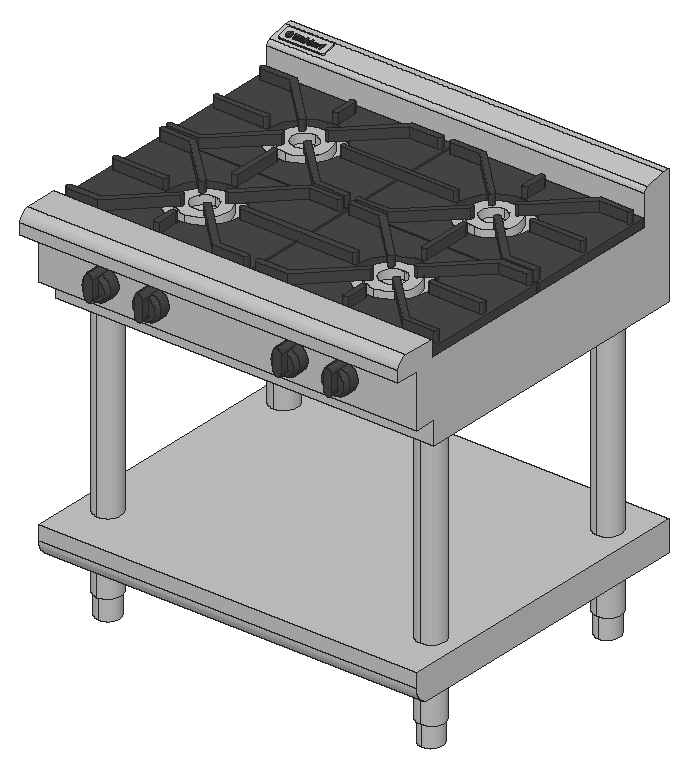
Revit family "QF_MOFFAT WALDORF_RNL8900G-LS", category Specialty Equipment, Revit 2012
Parameters
  Weight in Pounds = 284.396
  URL Cutsheet = "www.moffat.com"
  URL = "www.moffat.com"
  Type Mark [instance] = ""
  Status [instance] = ""
  Specification by User [instance] = ""
  Specification by Manufacturer = ""
  Show Logo [instance] = yes
  Show Casters [instance] = no
  Serial Number = ""
  Seismic Rating = ""
  SMACNA No = ""
  Revision Code [instance] = ""
  Omniclass Number and Title = ""
  NAFEM Spec ID Number = ""
  Model = "RNL8900G-LS"
  Mechanical Remarks [instance] = ""
  Mechanical Connection Type [instance] = ""
  Masterspec = ""
  Manufacturer = "MOFFAT WALDORF"
  Legs [instance] = not(Show Casters)  # yes
  Item Number [instance] = ""
  Installed By [instance] = ""
  Identify Quantity as Lot [instance] = yes
  Gas Size = 3/4"
  Gas RI Height [instance] = 0.0 mm
  Gas KW [instance] = 31
  Gas Input [instance] = 106156.0 Btu/h
  Gas Connection Height = 0.0 mm
  Furnished By [instance] = ""
  Foodservice Equipment Identifier [instance] = yes
  Description = "COOK TOP LOW SPLASHBACK GAS ON LEG STAND"
  CSI MasterFormat = ""
  CSI Master Format = ""
  Base Height [instance] = 150.0 mm
Reference planes
  plane 1 "BACK": y = 0
  plane 2: z = 0
  plane 3 "LEFT": x = 0
  plane 4 "RIGHT": x = 900
  plane 5 "FRONT": y = -805
  plane 6 "TOP": z = 970
  plane 7 "Center Y": x = 450
  plane 8 "Center X": y = -402.5
  plane 9 "Base Height": z = 150
  plane 10: z = 915
  plane 11: x = 65.8
Forms (mm)
  Extrusion 1, solid, material "QF_Finishes_Stainless Steel"
    sketch origin (0, 0, 0) x (0, 1, 0) y (0, 0, 1)
      loop
        line (-805, 891) -> (-805, 866) -> (-749, 866) -> (-749, 740) -> (-699, 740) -> (-699, 685) -> (0, 685) -> (0, 970) -> (-15, 970) -> (-61.106, 957.646)
        arc (-61.106, 957.646) -> (-67.52, 953.36) -> (-70, 946.055) r 12
        line (-70, 946.055) -> (-70, 875) -> (-705, 875) -> (-705, 915) -> (-781, 915)
        arc (-781, 915) -> (-797.971, 907.971) -> (-805, 891) r 24
      loop
        line (0, 222.5) -> (-749, 222.5) -> (-749, 188)
        arc (-749, 188) -> (-737.87, 161.13) -> (-711, 150) r 38
        line (-711, 150) -> (0, 150) -> (0, 222.5)
    from 0 to 900
  Revolve 2, solid, material "QF_Finishes_Black"
    sketch origin (285.001, 0, 760.895) x (0, -1, 0) y (0, 0, 1)
      loop
        line (782, 74.605) -> (759, 74.605) -> (759, 47.105) -> (749, 47.105) -> (749, 42.105) -> (793, 42.105) -> (793, 68.757) -> (782, 74.605)
      axis (793, 42.105) -> (749, 42.105)
    angle from 0 to 360
  Extrusion 3, solid, material "QF_Finishes_Black"
    sketch origin (-3.43, 0, 656.898) x (1, 0, 0) y (0, 0, 1)
      loop
        line (298.431, 134) -> (298.431, 172.997)
        arc (298.431, 172.997) -> (288.431, 182.997) -> (278.431, 172.997) r 10
        line (278.431, 172.997) -> (278.431, 134)
        arc (278.431, 134) -> (288.431, 124) -> (298.431, 134) r 10
    from 759 to 808
  Extrusion 4, solid, material "QF_Finishes_Stainless Steel"
    sketch origin (705, 3, 95) x (1, 0, 0) y (0, 1, 0)
      loop
        circle (65, -35) r 13.5
    from 560 to 590
  Revolve 5, solid, material "QF_Finishes_Black"
    sketch origin (165, 0, 760.768) x (0, 1, 0) y (0, 0, -1)
      loop
        line (-782, -74.5) -> (-759, -74.5) -> (-759, -47) -> (-749, -47) -> (-749, -42) -> (-793, -42) -> (-793, -68.651) -> (-782, -74.5)
      axis (-793, -42) -> (-749, -42)
    angle from 0 to 360
  Extrusion 6, solid, material "QF_Finishes_Black"
    sketch origin (303.27, 0, 760.926) x (-1, 0, 0) y (0, 0, -1)
      loop
        arc (148.269, -29.969) -> (138.269, -19.969) -> (128.269, -29.969) r 10
        line (128.269, -29.969) -> (128.269, -68.969)
        arc (128.269, -68.969) -> (138.269, -78.969) -> (148.269, -68.969) r 10
        line (148.269, -68.969) -> (148.269, -29.969)
    from 759 to 808
  Extrusion 7, solid, material "QF_Finishes_Black"
    sketch origin (0, -77.318, 894.5) x (0, -1, 0) y (1, 0, 0)
      loop
        spline (252.08, 230.775) -> (250.786, 230.557) -> (249.58, 229.918) -> (248.545, 228.9) -> (247.75, 227.575) -> (247.251, 226.031) -> (247.08, 224.375) -> (247.251, 222.719) -> (247.75, 221.175) -> (248.545, 219.85) -> (249.58, 218.832) -> (250.786, 218.193) -> (252.08, 217.975)
        line (252.08, 217.975) -> (368.284, 217.975)
        spline (368.284, 217.975) -> (369.579, 218.193) -> (370.784, 218.832) -> (371.82, 219.85) -> (372.615, 221.175) -> (373.114, 222.719) -> (373.284, 224.375) -> (373.114, 226.031) -> (372.615, 227.575) -> (371.82, 228.9) -> (370.784, 229.918) -> (369.579, 230.557) -> (368.284, 230.775)
        line (368.284, 230.775) -> (252.08, 230.775)
      loop
        spline (601.284, 217.975) -> (602.579, 218.193) -> (603.784, 218.832) -> (604.82, 219.85) -> (605.615, 221.175) -> (606.114, 222.719) -> (606.284, 224.375) -> (606.114, 226.031) -> (605.615, 227.575) -> (604.82, 228.9) -> (603.784, 229.918) -> (602.579, 230.557) -> (601.284, 230.775)
        line (601.284, 230.775) -> (552.08, 230.775)
        spline (552.08, 230.775) -> (550.786, 230.557) -> (549.58, 229.918) -> (548.545, 228.9) -> (547.75, 227.575) -> (547.251, 226.031) -> (547.08, 224.375) -> (547.251, 222.719) -> (547.75, 221.175) -> (548.545, 219.85) -> (549.58, 218.832) -> (550.786, 218.193) -> (552.08, 217.975)
        line (552.08, 217.975) -> (601.284, 217.975)
      loop
        line (466.582, 13.273) -> (466.582, 132.477)
        spline (466.582, 132.477) -> (466.364, 133.771) -> (465.725, 134.977) -> (464.708, 136.013) -> (463.382, 136.807) -> (461.839, 137.307) -> (460.182, 137.477) -> (458.526, 137.307) -> (456.982, 136.807) -> (455.657, 136.013) -> (454.64, 134.977) -> (454, 133.771) -> (453.782, 132.477)
        line (453.782, 132.477) -> (453.782, 13.273)
        spline (453.782, 13.273) -> (454, 11.979) -> (454.64, 10.773) -> (455.657, 9.737) -> (456.982, 8.943) -> (458.526, 8.443) -> (460.182, 8.273) -> (461.839, 8.443) -> (463.382, 8.943) -> (464.708, 9.737) -> (465.725, 10.773) -> (466.364, 11.979) -> (466.582, 13.273)
      loop
        line (14.11, 87.354) -> (14.11, 13.21)
        spline (14.11, 13.21) -> (14.338, 11.916) -> (15.008, 10.71) -> (16.073, 9.675) -> (17.46, 8.88) -> (19.076, 8.381) -> (20.81, 8.21) -> (22.544, 8.381) -> (24.16, 8.88) -> (25.548, 9.675) -> (26.613, 10.71) -> (27.282, 11.916) -> (27.51, 13.21)
        line (27.51, 13.21) -> (27.51, 82.652) -> (133.259, 188.4)
        spline (133.259, 188.4) -> (134.019, 189.47) -> (134.42, 190.774) -> (134.433, 192.226) -> (134.058, 193.725) -> (133.319, 195.17) -> (132.269, 196.461) -> (130.977, 197.512) -> (129.532, 198.25) -> (128.033, 198.626) -> (126.582, 198.613) -> (125.277, 198.212) -> (124.208, 197.451)
        line (124.208, 197.451) -> (14.11, 87.354)
      loop
        spline (19.08, 230.775) -> (17.786, 230.557) -> (16.58, 229.918) -> (15.545, 228.9) -> (14.75, 227.575) -> (14.251, 226.031) -> (14.08, 224.375) -> (14.251, 222.719) -> (14.75, 221.175) -> (15.545, 219.85) -> (16.58, 218.832) -> (17.786, 218.193) -> (19.08, 217.975)
        line (19.08, 217.975) -> (68.284, 217.975)
        spline (68.284, 217.975) -> (69.579, 218.193) -> (70.784, 218.832) -> (71.82, 219.85) -> (72.615, 221.175) -> (73.114, 222.719) -> (73.284, 224.375) -> (73.114, 226.031) -> (72.615, 227.575) -> (71.82, 228.9) -> (70.784, 229.918) -> (69.579, 230.557) -> (68.284, 230.775)
        line (68.284, 230.775) -> (19.08, 230.775)
      loop
        line (306.255, 87.354) -> (196.157, 197.451)
        spline (196.157, 197.451) -> (195.088, 198.212) -> (193.783, 198.613) -> (192.332, 198.626) -> (190.832, 198.25) -> (189.388, 197.512) -> (188.096, 196.461) -> (187.045, 195.17) -> (186.307, 193.725) -> (185.932, 192.226) -> (185.945, 190.774) -> (186.345, 189.47) -> (187.106, 188.4)
        line (187.106, 188.4) -> (292.855, 82.652) -> (292.855, 13.21)
        spline (292.855, 13.21) -> (293.083, 11.916) -> (293.752, 10.71) -> (294.817, 9.675) -> (296.205, 8.88) -> (297.82, 8.381) -> (299.555, 8.21) -> (301.289, 8.381) -> (302.905, 8.88) -> (304.292, 9.675) -> (305.357, 10.71) -> (306.026, 11.916) -> (306.255, 13.21)
        line (306.255, 13.21) -> (306.255, 87.354)
      loop
        line (166.582, 13.273) -> (166.582, 132.477)
        spline (166.582, 132.477) -> (166.364, 133.771) -> (165.725, 134.977) -> (164.708, 136.013) -> (163.382, 136.807) -> (161.839, 137.307) -> (160.182, 137.477) -> (158.526, 137.307) -> (156.982, 136.807) -> (155.657, 136.013) -> (154.64, 134.977) -> (154, 133.771) -> (153.782, 132.477)
        line (153.782, 132.477) -> (153.782, 13.273)
        spline (153.782, 13.273) -> (154, 11.979) -> (154.64, 10.773) -> (155.657, 9.737) -> (156.982, 8.943) -> (158.526, 8.443) -> (160.182, 8.273) -> (161.839, 8.443) -> (163.382, 8.943) -> (164.708, 9.737) -> (165.725, 10.773) -> (166.364, 11.979) -> (166.582, 13.273)
      loop
        line (14.11, 361.396) -> (124.208, 251.299)
        spline (124.208, 251.299) -> (125.277, 250.538) -> (126.582, 250.137) -> (128.033, 250.124) -> (129.532, 250.5) -> (130.977, 251.238) -> (132.269, 252.289) -> (133.319, 253.58) -> (134.058, 255.025) -> (134.433, 256.524) -> (134.42, 257.976) -> (134.019, 259.28) -> (133.259, 260.35)
        line (133.259, 260.35) -> (27.51, 366.098) -> (27.51, 435.54)
        spline (27.51, 435.54) -> (27.282, 436.834) -> (26.613, 438.04) -> (25.548, 439.075) -> (24.16, 439.87) -> (22.544, 440.369) -> (20.81, 440.54) -> (19.076, 440.369) -> (17.46, 439.87) -> (16.073, 439.075) -> (15.008, 438.04) -> (14.338, 436.834) -> (14.11, 435.54)
        line (14.11, 435.54) -> (14.11, 361.396)
      loop
        line (306.255, 361.396) -> (306.255, 435.54)
        spline (306.255, 435.54) -> (306.026, 436.834) -> (305.357, 438.04) -> (304.292, 439.075) -> (302.905, 439.87) -> (301.289, 440.369) -> (299.555, 440.54) -> (297.82, 440.369) -> (296.205, 439.87) -> (294.817, 439.075) -> (293.752, 438.04) -> (293.083, 436.834) -> (292.855, 435.54)
        line (292.855, 435.54) -> (292.855, 366.098) -> (187.106, 260.35)
        spline (187.106, 260.35) -> (186.345, 259.28) -> (185.945, 257.976) -> (185.932, 256.524) -> (186.307, 255.025) -> (187.045, 253.58) -> (188.096, 252.289) -> (189.388, 251.238) -> (190.832, 250.5) -> (192.332, 250.124) -> (193.783, 250.137) -> (195.088, 250.538) -> (196.157, 251.299)
        line (196.157, 251.299) -> (306.255, 361.396)
      loop
        spline (166.582, 583.727) -> (166.364, 585.021) -> (165.725, 586.227) -> (164.708, 587.263) -> (163.382, 588.057) -> (161.839, 588.557) -> (160.182, 588.727) -> (158.526, 588.557) -> (156.982, 588.057) -> (155.657, 587.263) -> (154.64, 586.227) -> (154, 585.021) -> (153.782, 583.727)
        line (153.782, 583.727) -> (153.782, 316.273)
        spline (153.782, 316.273) -> (154, 314.979) -> (154.64, 313.773) -> (155.657, 312.737) -> (156.982, 311.943) -> (158.526, 311.443) -> (160.182, 311.273) -> (161.839, 311.443) -> (163.382, 311.943) -> (164.708, 312.737) -> (165.725, 313.773) -> (166.364, 314.979) -> (166.582, 316.273)
        line (166.582, 316.273) -> (166.582, 583.727)
      loop
        line (313.11, 87.354) -> (313.11, 13.21)
        spline (313.11, 13.21) -> (313.338, 11.916) -> (314.008, 10.71) -> (315.073, 9.675) -> (316.46, 8.88) -> (318.076, 8.381) -> (319.81, 8.21) -> (321.544, 8.381) -> (323.16, 8.88) -> (324.548, 9.675) -> (325.613, 10.71) -> (326.282, 11.916) -> (326.51, 13.21)
        line (326.51, 13.21) -> (326.51, 82.652) -> (432.259, 188.4)
        spline (432.259, 188.4) -> (433.019, 189.47) -> (433.42, 190.774) -> (433.433, 192.226) -> (433.058, 193.725) -> (432.319, 195.17) -> (431.269, 196.461) -> (429.977, 197.512) -> (428.532, 198.25) -> (427.033, 198.626) -> (425.582, 198.613) -> (424.277, 198.212) -> (423.208, 197.451)
        line (423.208, 197.451) -> (313.11, 87.354)
      loop
        line (605.255, 87.354) -> (495.157, 197.451)
        spline (495.157, 197.451) -> (494.088, 198.212) -> (492.783, 198.613) -> (491.332, 198.626) -> (489.832, 198.25) -> (488.388, 197.512) -> (487.096, 196.461) -> (486.045, 195.17) -> (485.307, 193.725) -> (484.932, 192.226) -> (484.945, 190.774) -> (485.345, 189.47) -> (486.106, 188.4)
        line (486.106, 188.4) -> (591.855, 82.652) -> (591.855, 13.21)
        spline (591.855, 13.21) -> (592.083, 11.916) -> (592.752, 10.71) -> (593.817, 9.675) -> (595.205, 8.88) -> (596.82, 8.381) -> (598.555, 8.21) -> (600.289, 8.381) -> (601.905, 8.88) -> (603.292, 9.675) -> (604.357, 10.71) -> (605.026, 11.916) -> (605.255, 13.21)
        line (605.255, 13.21) -> (605.255, 87.354)
      loop
        line (313.11, 361.396) -> (423.208, 251.299)
        spline (423.208, 251.299) -> (424.277, 250.538) -> (425.582, 250.137) -> (427.033, 250.124) -> (428.532, 250.5) -> (429.977, 251.238) -> (431.269, 252.289) -> (432.319, 253.58) -> (433.058, 255.025) -> (433.433, 256.524) -> (433.42, 257.976) -> (433.019, 259.28) -> (432.259, 260.35)
        line (432.259, 260.35) -> (326.51, 366.098) -> (326.51, 435.54)
        spline (326.51, 435.54) -> (326.282, 436.834) -> (325.613, 438.04) -> (324.548, 439.075) -> (323.16, 439.87) -> (321.544, 440.369) -> (319.81, 440.54) -> (318.076, 440.369) -> (316.46, 439.87) -> (315.073, 439.075) -> (314.008, 438.04) -> (313.338, 436.834) -> (313.11, 435.54)
        line (313.11, 435.54) -> (313.11, 361.396)
      loop
        line (605.255, 361.396) -> (605.255, 435.54)
        spline (605.255, 435.54) -> (605.026, 436.834) -> (604.357, 438.04) -> (603.292, 439.075) -> (601.905, 439.87) -> (600.289, 440.369) -> (598.555, 440.54) -> (596.82, 440.369) -> (595.205, 439.87) -> (593.817, 439.075) -> (592.752, 438.04) -> (592.083, 436.834) -> (591.855, 435.54)
        line (591.855, 435.54) -> (591.855, 366.098) -> (486.106, 260.35)
        spline (486.106, 260.35) -> (485.345, 259.28) -> (484.945, 257.976) -> (484.932, 256.524) -> (485.307, 255.025) -> (486.045, 253.58) -> (487.096, 252.289) -> (488.388, 251.238) -> (489.832, 250.5) -> (491.332, 250.124) -> (492.783, 250.137) -> (494.088, 250.538) -> (495.157, 251.299)
        line (495.157, 251.299) -> (605.255, 361.396)
      loop
        spline (465.582, 583.727) -> (465.364, 585.021) -> (464.725, 586.227) -> (463.708, 587.263) -> (462.382, 588.057) -> (460.839, 588.557) -> (459.182, 588.727) -> (457.526, 588.557) -> (455.982, 588.057) -> (454.657, 587.263) -> (453.64, 586.227) -> (453, 585.021) -> (452.782, 583.727)
        line (452.782, 583.727) -> (452.782, 316.273)
        spline (452.782, 316.273) -> (453, 314.979) -> (453.64, 313.773) -> (454.657, 312.737) -> (455.982, 311.943) -> (457.526, 311.443) -> (459.182, 311.273) -> (460.839, 311.443) -> (462.382, 311.943) -> (463.708, 312.737) -> (464.725, 313.773) -> (465.364, 314.979) -> (465.582, 316.273)
        line (465.582, 316.273) -> (465.582, 583.727)
      loop
        line (252.08, 669.225) -> (368.284, 669.225)
        spline (368.284, 669.225) -> (369.579, 669.443) -> (370.784, 670.082) -> (371.82, 671.1) -> (372.615, 672.425) -> (373.114, 673.969) -> (373.284, 675.625) -> (373.114, 677.281) -> (372.615, 678.825) -> (371.82, 680.15) -> (370.784, 681.168) -> (369.579, 681.807) -> (368.284, 682.025)
        line (368.284, 682.025) -> (252.08, 682.025)
        spline (252.08, 682.025) -> (250.786, 681.807) -> (249.58, 681.168) -> (248.545, 680.15) -> (247.75, 678.825) -> (247.251, 677.281) -> (247.08, 675.625) -> (247.251, 673.969) -> (247.75, 672.425) -> (248.545, 671.1) -> (249.58, 670.082) -> (250.786, 669.443) -> (252.08, 669.225)
      loop
        line (601.284, 682.025) -> (552.08, 682.025)
        spline (552.08, 682.025) -> (550.786, 681.807) -> (549.58, 681.168) -> (548.545, 680.15) -> (547.75, 678.825) -> (547.251, 677.281) -> (547.08, 675.625) -> (547.251, 673.969) -> (547.75, 672.425) -> (548.545, 671.1) -> (549.58, 670.082) -> (550.786, 669.443) -> (552.08, 669.225)
        line (552.08, 669.225) -> (601.284, 669.225)
        spline (601.284, 669.225) -> (602.579, 669.443) -> (603.784, 670.082) -> (604.82, 671.1) -> (605.615, 672.425) -> (606.114, 673.969) -> (606.284, 675.625) -> (606.114, 677.281) -> (605.615, 678.825) -> (604.82, 680.15) -> (603.784, 681.168) -> (602.579, 681.807) -> (601.284, 682.025)
      loop
        spline (466.582, 886.727) -> (466.364, 888.021) -> (465.725, 889.227) -> (464.708, 890.263) -> (463.382, 891.057) -> (461.839, 891.557) -> (460.182, 891.727) -> (458.526, 891.557) -> (456.982, 891.057) -> (455.657, 890.263) -> (454.64, 889.227) -> (454, 888.021) -> (453.782, 886.727)
        line (453.782, 886.727) -> (453.782, 767.523)
        spline (453.782, 767.523) -> (454, 766.229) -> (454.64, 765.023) -> (455.657, 763.987) -> (456.982, 763.193) -> (458.526, 762.693) -> (460.182, 762.523) -> (461.839, 762.693) -> (463.382, 763.193) -> (464.708, 763.987) -> (465.725, 765.023) -> (466.364, 766.229) -> (466.582, 767.523)
        line (466.582, 767.523) -> (466.582, 886.727)
      loop
        line (14.11, 812.646) -> (124.208, 702.549)
        spline (124.208, 702.549) -> (125.277, 701.788) -> (126.582, 701.387) -> (128.033, 701.374) -> (129.532, 701.75) -> (130.977, 702.488) -> (132.269, 703.539) -> (133.319, 704.83) -> (134.058, 706.275) -> (134.433, 707.774) -> (134.42, 709.226) -> (134.019, 710.53) -> (133.259, 711.6)
        line (133.259, 711.6) -> (27.51, 817.348) -> (27.51, 886.79)
        spline (27.51, 886.79) -> (27.282, 888.084) -> (26.613, 889.29) -> (25.548, 890.325) -> (24.16, 891.12) -> (22.544, 891.619) -> (20.81, 891.79) -> (19.076, 891.619) -> (17.46, 891.12) -> (16.073, 890.325) -> (15.008, 889.29) -> (14.338, 888.084) -> (14.11, 886.79)
        line (14.11, 886.79) -> (14.11, 812.646)
      loop
        line (19.08, 669.225) -> (68.284, 669.225)
        spline (68.284, 669.225) -> (69.579, 669.443) -> (70.784, 670.082) -> (71.82, 671.1) -> (72.615, 672.425) -> (73.114, 673.969) -> (73.284, 675.625) -> (73.114, 677.281) -> (72.615, 678.825) -> (71.82, 680.15) -> (70.784, 681.168) -> (69.579, 681.807) -> (68.284, 682.025)
        line (68.284, 682.025) -> (19.08, 682.025)
        spline (19.08, 682.025) -> (17.786, 681.807) -> (16.58, 681.168) -> (15.545, 680.15) -> (14.75, 678.825) -> (14.251, 677.281) -> (14.08, 675.625) -> (14.251, 673.969) -> (14.75, 672.425) -> (15.545, 671.1) -> (16.58, 670.082) -> (17.786, 669.443) -> (19.08, 669.225)
      loop
        line (306.255, 812.646) -> (306.255, 886.79)
        spline (306.255, 886.79) -> (306.026, 888.084) -> (305.357, 889.29) -> (304.292, 890.325) -> (302.905, 891.12) -> (301.289, 891.619) -> (299.555, 891.79) -> (297.82, 891.619) -> (296.205, 891.12) -> (294.817, 890.325) -> (293.752, 889.29) -> (293.083, 888.084) -> (292.855, 886.79)
        line (292.855, 886.79) -> (292.855, 817.348) -> (187.106, 711.6)
        spline (187.106, 711.6) -> (186.345, 710.53) -> (185.945, 709.226) -> (185.932, 707.774) -> (186.307, 706.275) -> (187.045, 704.83) -> (188.096, 703.539) -> (189.388, 702.488) -> (190.832, 701.75) -> (192.332, 701.374) -> (193.783, 701.387) -> (195.088, 701.788) -> (196.157, 702.549)
        line (196.157, 702.549) -> (306.255, 812.646)
      loop
        spline (166.582, 886.727) -> (166.364, 888.021) -> (165.725, 889.227) -> (164.708, 890.263) -> (163.382, 891.057) -> (161.839, 891.557) -> (160.182, 891.727) -> (158.526, 891.557) -> (156.982, 891.057) -> (155.657, 890.263) -> (154.64, 889.227) -> (154, 888.021) -> (153.782, 886.727)
        line (153.782, 886.727) -> (153.782, 767.523)
        spline (153.782, 767.523) -> (154, 766.229) -> (154.64, 765.023) -> (155.657, 763.987) -> (156.982, 763.193) -> (158.526, 762.693) -> (160.182, 762.523) -> (161.839, 762.693) -> (163.382, 763.193) -> (164.708, 763.987) -> (165.725, 765.023) -> (166.364, 766.229) -> (166.582, 767.523)
        line (166.582, 767.523) -> (166.582, 886.727)
      loop
        line (14.11, 538.604) -> (14.11, 464.46)
        spline (14.11, 464.46) -> (14.338, 463.166) -> (15.008, 461.96) -> (16.073, 460.925) -> (17.46, 460.13) -> (19.076, 459.631) -> (20.81, 459.46) -> (22.544, 459.631) -> (24.16, 460.13) -> (25.548, 460.925) -> (26.613, 461.96) -> (27.282, 463.166) -> (27.51, 464.46)
        line (27.51, 464.46) -> (27.51, 533.902) -> (133.259, 639.65)
        spline (133.259, 639.65) -> (134.019, 640.72) -> (134.42, 642.024) -> (134.433, 643.476) -> (134.058, 644.975) -> (133.319, 646.42) -> (132.269, 647.711) -> (130.977, 648.762) -> (129.532, 649.5) -> (128.033, 649.876) -> (126.582, 649.863) -> (125.277, 649.462) -> (124.208, 648.701)
        line (124.208, 648.701) -> (14.11, 538.604)
      loop
        line (306.255, 538.604) -> (196.157, 648.701)
        spline (196.157, 648.701) -> (195.088, 649.462) -> (193.783, 649.863) -> (192.332, 649.876) -> (190.832, 649.5) -> (189.388, 648.762) -> (188.096, 647.711) -> (187.045, 646.42) -> (186.307, 644.975) -> (185.932, 643.476) -> (185.945, 642.024) -> (186.345, 640.72) -> (187.106, 639.65)
        line (187.106, 639.65) -> (292.855, 533.902) -> (292.855, 464.46)
        spline (292.855, 464.46) -> (293.083, 463.166) -> (293.752, 461.96) -> (294.817, 460.925) -> (296.205, 460.13) -> (297.82, 459.631) -> (299.555, 459.46) -> (301.289, 459.631) -> (302.905, 460.13) -> (304.292, 460.925) -> (305.357, 461.96) -> (306.026, 463.166) -> (306.255, 464.46)
        line (306.255, 464.46) -> (306.255, 538.604)
      loop
        line (313.11, 812.646) -> (423.208, 702.549)
        spline (423.208, 702.549) -> (424.277, 701.788) -> (425.582, 701.387) -> (427.033, 701.374) -> (428.532, 701.75) -> (429.977, 702.488) -> (431.269, 703.539) -> (432.319, 704.83) -> (433.058, 706.275) -> (433.433, 707.774) -> (433.42, 709.226) -> (433.019, 710.53) -> (432.259, 711.6)
        line (432.259, 711.6) -> (326.51, 817.348) -> (326.51, 886.79)
        spline (326.51, 886.79) -> (326.282, 888.084) -> (325.613, 889.29) -> (324.548, 890.325) -> (323.16, 891.12) -> (321.544, 891.619) -> (319.81, 891.79) -> (318.076, 891.619) -> (316.46, 891.12) -> (315.073, 890.325) -> (314.008, 889.29) -> (313.338, 888.084) -> (313.11, 886.79)
        line (313.11, 886.79) -> (313.11, 812.646)
      loop
        line (605.255, 812.646) -> (605.255, 886.79)
        spline (605.255, 886.79) -> (605.026, 888.084) -> (604.357, 889.29) -> (603.292, 890.325) -> (601.905, 891.12) -> (600.289, 891.619) -> (598.555, 891.79) -> (596.82, 891.619) -> (595.205, 891.12) -> (593.817, 890.325) -> (592.752, 889.29) -> (592.083, 888.084) -> (591.855, 886.79)
        line (591.855, 886.79) -> (591.855, 817.348) -> (486.106, 711.6)
        spline (486.106, 711.6) -> (485.345, 710.53) -> (484.945, 709.226) -> (484.932, 707.774) -> (485.307, 706.275) -> (486.045, 704.83) -> (487.096, 703.539) -> (488.388, 702.488) -> (489.832, 701.75) -> (491.332, 701.374) -> (492.783, 701.387) -> (494.088, 701.788) -> (495.157, 702.549)
        line (495.157, 702.549) -> (605.255, 812.646)
      loop
        line (313.11, 538.604) -> (313.11, 464.46)
        spline (313.11, 464.46) -> (313.338, 463.166) -> (314.008, 461.96) -> (315.073, 460.925) -> (316.46, 460.13) -> (318.076, 459.631) -> (319.81, 459.46) -> (321.544, 459.631) -> (323.16, 460.13) -> (324.548, 460.925) -> (325.613, 461.96) -> (326.282, 463.166) -> (326.51, 464.46)
        line (326.51, 464.46) -> (326.51, 533.902) -> (432.259, 639.65)
        spline (432.259, 639.65) -> (433.019, 640.72) -> (433.42, 642.024) -> (433.433, 643.476) -> (433.058, 644.975) -> (432.319, 646.42) -> (431.269, 647.711) -> (429.977, 648.762) -> (428.532, 649.5) -> (427.033, 649.876) -> (425.582, 649.863) -> (424.277, 649.462) -> (423.208, 648.701)
        line (423.208, 648.701) -> (313.11, 538.604)
      loop
        line (605.255, 538.604) -> (495.157, 648.701)
        spline (495.157, 648.701) -> (494.088, 649.462) -> (492.783, 649.863) -> (491.332, 649.876) -> (489.832, 649.5) -> (488.388, 648.762) -> (487.096, 647.711) -> (486.045, 646.42) -> (485.307, 644.975) -> (484.932, 643.476) -> (484.945, 642.024) -> (485.345, 640.72) -> (486.106, 639.65)
        line (486.106, 639.65) -> (591.855, 533.902) -> (591.855, 464.46)
        spline (591.855, 464.46) -> (592.083, 463.166) -> (592.752, 461.96) -> (593.817, 460.925) -> (595.205, 460.13) -> (596.82, 459.631) -> (598.555, 459.46) -> (600.289, 459.631) -> (601.905, 460.13) -> (603.292, 460.925) -> (604.357, 461.96) -> (605.026, 463.166) -> (605.255, 464.46)
        line (605.255, 464.46) -> (605.255, 538.604)
    from 0 to 23.5
  Revolve 8, solid, material "QF_Finishes_Black"
    sketch origin (735, 0, 760.895) x (0, -1, 0) y (0, 0, 1)
      loop
        line (782, 74.605) -> (759, 74.605) -> (759, 47.105) -> (749, 47.105) -> (749, 42.105) -> (793, 42.105) -> (793, 68.757) -> (782, 74.605)
      axis (793, 42.105) -> (749, 42.105)
    angle from 0 to 360
  Extrusion 9, solid, material "QF_Finishes_Black"
    sketch origin (596.569, 0, 656.898) x (1, 0, 0) y (0, 0, 1)
      loop
        line (148.431, 134) -> (148.431, 172.997)
        arc (148.431, 172.997) -> (138.431, 182.997) -> (128.431, 172.997) r 10
        line (128.431, 172.997) -> (128.431, 134)
        arc (128.431, 134) -> (138.431, 124) -> (148.431, 134) r 10
    from 759 to 808
  Revolve 10, solid, material "QF_Finishes_Black"
    sketch origin (615, 0, 760.801) x (0, 1, 0) y (0, 0, -1)
      loop
        line (-782, -74.5) -> (-759, -74.5) -> (-759, -47) -> (-749, -47) -> (-749, -42) -> (-793, -42) -> (-793, -68.651) -> (-782, -74.5)
      axis (-793, -42) -> (-749, -42)
    angle from 0 to 360
  Extrusion 11, solid, material "QF_Finishes_Black"
    sketch origin (603.269, 0, 760.926) x (-1, 0, 0) y (0, 0, -1)
      loop
        arc (-1.731, -29.969) -> (-11.731, -19.969) -> (-21.731, -29.969) r 10
        line (-21.731, -29.969) -> (-21.731, -68.969)
        arc (-21.731, -68.969) -> (-11.731, -78.969) -> (-1.731, -68.969) r 10
        line (-1.731, -68.969) -> (-1.731, -29.969)
    from 759 to 808
  Revolve 12, solid, material "QF_Finishes_Stainless Steel", visible <- "Legs"
    sketch origin (65, -165, 0) x (0, 1, 0) y (0, 0, 1)
      loop
        line (33.25, 150) -> (33.25, 50) -> (37.5, 50) -> (37.5, 0) -> (65, 0) -> (65, 150) -> (33.25, 150)
      axis (65, 150) -> (65, 0)
    angle from 0 to 360
  Revolve 13, solid, material "QF_Finishes_Stainless Steel"
    sketch origin (65, -735, 0) x (0, 1, 0) y (0, 0, 1)
      loop
        line (78.25, 150) -> (78.25, 50) -> (82.5, 50) -> (82.5, 0) -> (110, 0) -> (110, 150) -> (78.25, 150)
      axis (110, 150) -> (110, 0)
    angle from 0 to 360
  Revolve 14, solid, material "QF_Finishes_Stainless Steel", visible <- "Legs"
    sketch origin (835, -165, 0) x (0, 1, 0) y (0, 0, -1)
      loop
        line (33.25, -150) -> (65, -150) -> (65, 0) -> (37.5, 0) -> (37.5, -50) -> (33.25, -50) -> (33.25, -150)
      axis (65, -150) -> (65, 0)
    angle from 0 to 360
  Revolve 15, solid, material "QF_Finishes_Stainless Steel"
    sketch origin (835, -735, 0) x (0, 1, 0) y (0, 0, -1)
      loop
        line (78.25, -150) -> (110, -150) -> (110, 0) -> (82.5, 0) -> (82.5, -50) -> (78.25, -50) -> (78.25, -150)
      axis (110, -150) -> (110, 0)
    angle from 0 to 360
  Extrusion 16, solid, material "QF_Finishes_Stainless Steel"
    sketch origin (0, 0, 222.5) x (0, -1, 0) y (1, 0, 0)
      loop
        circle (100, 65) r 31.75
      loop
        circle (100, 835) r 31.75
      loop
        circle (625, 65) r 31.75
      loop
        circle (625, 835) r 31.75
    from 0 to 462.5
  Extrusion 17, solid, material "QF_Finishes_Stainless Steel"
    sketch origin (0, -77.318, 875) x (0, -1, 0) y (1, 0, 0)
      loop
        circle (160.182, 224) r 57
      loop
        circle (160.182, 674) r 57
      loop
        circle (459.182, 674) r 57
      loop
        circle (459.182, 224) r 57
      loop
        circle (160.182, 224) r 30
      loop
        circle (160.182, 674) r 30
      loop
        circle (459.182, 674) r 30
      loop
        circle (459.182, 224) r 30
    from 0 to 20
  Extrusion 18, solid, material "QF_Finishes_Black"
    sketch origin (0, -77.318, 875) x (0, -1, 0) y (1, 0, 0)
      loop
        arc (-6.318, 4) -> (-5.439, 1.879) -> (-3.318, 1) r 3
        line (-3.318, 1) -> (305.057, 1)
        arc (305.057, 1) -> (307.179, 1.879) -> (308.057, 4) r 3
        line (308.057, 4) -> (308.057, 445.187)
        arc (308.057, 445.187) -> (307.179, 447.309) -> (305.057, 448.187) r 3
        line (305.057, 448.187) -> (-3.318, 448.187)
        arc (-3.318, 448.187) -> (-5.439, 447.309) -> (-6.318, 445.187) r 3
        line (-6.318, 445.187) -> (-6.318, 4)
      loop
        line (623.682, 899) -> (314.057, 899)
        arc (314.057, 899) -> (311.936, 898.121) -> (311.057, 896) r 3
        line (311.057, 896) -> (311.057, 454.812)
        arc (311.057, 454.812) -> (311.936, 452.691) -> (314.057, 451.812) r 3
        line (314.057, 451.812) -> (623.682, 451.812)
        arc (623.682, 451.812) -> (625.804, 452.691) -> (626.682, 454.812) r 3
        line (626.682, 454.812) -> (626.682, 896)
        arc (626.682, 896) -> (625.804, 898.121) -> (623.682, 899) r 3
      loop
        arc (-3.318, 899) -> (-5.439, 898.121) -> (-6.318, 896) r 3
        line (-6.318, 896) -> (-6.318, 454.812)
        arc (-6.318, 454.812) -> (-5.439, 452.691) -> (-3.318, 451.812) r 3
        line (-3.318, 451.812) -> (305.057, 451.812)
        arc (305.057, 451.812) -> (307.179, 452.691) -> (308.057, 454.812) r 3
        line (308.057, 454.812) -> (308.057, 896)
        arc (308.057, 896) -> (307.179, 898.121) -> (305.057, 899) r 3
        line (305.057, 899) -> (-3.318, 899)
      loop
        line (626.682, 4) -> (626.682, 445.187)
        arc (626.682, 445.187) -> (625.804, 447.309) -> (623.682, 448.187) r 3
        line (623.682, 448.187) -> (314.057, 448.187)
        arc (314.057, 448.187) -> (311.936, 447.309) -> (311.057, 445.187) r 3
        line (311.057, 445.187) -> (311.057, 4)
        arc (311.057, 4) -> (311.936, 1.879) -> (314.057, 1) r 3
        line (314.057, 1) -> (623.682, 1)
        arc (623.682, 1) -> (625.804, 1.879) -> (626.682, 4) r 3
      loop
        circle (160.663, 675.95) r 84.082
      loop
        circle (460.663, 675.95) r 84.082
      loop
        circle (459.761, 224.937) r 84.082
      loop
        circle (159.761, 224.937) r 84.082
    from 0 to 19.5
Lines and regions (mm)
  Split face 1
    outline origin (49.063, -19.972, 968.668) x (0, -0.965926, -0.258819) y (1, 0, 0)
      loop
        line (0.03, 105.5) -> (33.432, 105.5) -> (33.432, 125.5) -> (0.03, 125.5) -> (0.03, 105.5)
  Split face 2
    outline origin (99.063, -19.972, 968.668) x (0, -0.965926, -0.258819) y (1, 0, 0)
      loop
        line (0.03, 105.5) -> (33.432, 105.5) -> (33.432, 125.5) -> (0.03, 125.5) -> (0.03, 105.5)
  Split face 3
    outline origin (149.062, -19.972, 968.668) x (0, -0.965926, -0.258819) y (1, 0, 0)
      loop
        line (0.03, 105.5) -> (33.432, 105.5) -> (33.432, 125.5) -> (0.03, 125.5) -> (0.03, 105.5)
  Split face 4
    outline origin (199.063, -19.972, 968.668) x (0, -0.965926, -0.258819) y (1, 0, 0)
      loop
        line (0.03, 105.5) -> (33.432, 105.5) -> (33.432, 125.5) -> (0.03, 125.5) -> (0.03, 105.5)
  Split face 5
    outline origin (249.062, -19.972, 968.668) x (0, -0.965926, -0.258819) y (1, 0, 0)
      loop
        line (0.03, 105.5) -> (33.432, 105.5) -> (33.432, 125.5) -> (0.03, 125.5) -> (0.03, 105.5)
  Split face 6
    outline origin (299.062, -19.972, 968.668) x (0, -0.965926, -0.258819) y (1, 0, 0)
      loop
        line (0.03, 105.5) -> (33.432, 105.5) -> (33.432, 125.5) -> (0.03, 125.5) -> (0.03, 105.5)
  Split face 7
    outline origin (349.062, -19.972, 968.668) x (0, -0.965926, -0.258819) y (1, 0, 0)
      loop
        line (0.03, 105.5) -> (33.432, 105.5) -> (33.432, 125.5) -> (0.03, 125.5) -> (0.03, 105.5)
  Split face 8
    outline origin (399.062, -19.972, 968.668) x (0, -0.965926, -0.258819) y (1, 0, 0)
      loop
        line (0.03, 105.5) -> (33.432, 105.5) -> (33.432, 125.5) -> (0.03, 125.5) -> (0.03, 105.5)
  Split face 9
    outline origin (449.062, -19.972, 968.668) x (0, -0.965926, -0.258819) y (1, 0, 0)
      loop
        line (0.03, 105.5) -> (33.432, 105.5) -> (33.432, 125.5) -> (0.03, 125.5) -> (0.03, 105.5)
  Split face 10
    outline origin (499.062, -19.972, 968.668) x (0, -0.965926, -0.258819) y (1, 0, 0)
      loop
        line (0.03, 105.5) -> (33.432, 105.5) -> (33.432, 125.5) -> (0.03, 125.5) -> (0.03, 105.5)
  Split face 11
    outline origin (549.062, -19.972, 968.668) x (0, -0.965926, -0.258819) y (1, 0, 0)
      loop
        line (0.03, 105.5) -> (33.432, 105.5) -> (33.432, 125.5) -> (0.03, 125.5) -> (0.03, 105.5)
  Split face 12
    outline origin (599.062, -19.972, 968.668) x (0, -0.965926, -0.258819) y (1, 0, 0)
      loop
        line (0.03, 105.5) -> (33.432, 105.5) -> (33.432, 125.5) -> (0.03, 125.5) -> (0.03, 105.5)
  symbolic lines, visible <- "Show Logo"
    curve 1: line (12.5, -52.06, 0) -> (12.5, -21.099, 0)
    curve 2: line (121.5, -21.099, 0) -> (121.5, -52.06, 0)
    curve 3: line (12.5, -21.099, 0) -> (121.5, -21.099, 0)
    curve 4: line (12.5, -52.06, 0) -> (121.5, -52.06, 0)
  symbolic lines
    curve 5: line (154.563, -50.782, 0) -> (154.563, -20.984, 0)
    curve 6: line (154.563, -20.984, 0) -> (174.562, -20.984, 0)
    curve 7: line (174.562, -20.984, 0) -> (174.562, -50.782, 0)
    curve 8: line (174.562, -50.782, 0) -> (154.563, -50.782, 0)
    curve 9: line (204.563, -20.984, 0) -> (204.563, -50.782, 0)
    curve 10: line (204.563, -50.782, 0) -> (224.562, -50.782, 0)
    curve 11: line (224.562, -50.782, 0) -> (224.562, -20.984, 0)
    curve 12: line (224.562, -20.984, 0) -> (204.563, -20.984, 0)
    curve 13: line (254.563, -20.984, 0) -> (254.563, -50.782, 0)
    curve 14: line (254.563, -50.782, 0) -> (274.562, -50.782, 0)
    curve 15: line (274.562, -50.782, 0) -> (274.562, -20.984, 0)
    curve 16: line (274.562, -20.984, 0) -> (254.563, -20.984, 0)
    curve 17: line (304.563, -20.984, 0) -> (304.563, -50.782, 0)
    curve 18: line (304.563, -50.782, 0) -> (324.563, -50.782, 0)
    curve 19: line (324.563, -50.782, 0) -> (324.563, -20.984, 0)
    curve 20: line (324.563, -20.984, 0) -> (304.563, -20.984, 0)
    curve 21: line (354.563, -20.984, 0) -> (354.563, -50.782, 0)
    curve 22: line (354.563, -50.782, 0) -> (374.563, -50.782, 0)
    curve 23: line (374.563, -50.782, 0) -> (374.563, -20.984, 0)
    curve 24: line (374.563, -20.984, 0) -> (354.563, -20.984, 0)
    curve 25: line (404.563, -50.782, 0) -> (404.563, -20.984, 0)
    curve 26: line (404.563, -20.984, 0) -> (424.563, -20.984, 0)
    curve 27: line (424.563, -20.984, 0) -> (424.563, -50.782, 0)
    curve 28: line (424.563, -50.782, 0) -> (404.563, -50.782, 0)
    curve 29: line (454.563, -50.782, 0) -> (454.563, -20.984, 0)
    curve 30: line (454.563, -20.984, 0) -> (474.563, -20.984, 0)
    curve 31: line (474.563, -20.984, 0) -> (474.563, -50.782, 0)
    curve 32: line (474.563, -50.782, 0) -> (454.563, -50.782, 0)
    curve 33: line (504.563, -20.984, 0) -> (504.563, -50.782, 0)
    curve 34: line (504.563, -50.782, 0) -> (524.563, -50.782, 0)
    curve 35: line (524.563, -50.782, 0) -> (524.563, -20.984, 0)
    curve 36: line (524.563, -20.984, 0) -> (504.563, -20.984, 0)
    curve 37: line (554.563, -50.782, 0) -> (554.563, -20.984, 0)
    curve 38: line (554.563, -20.984, 0) -> (574.563, -20.984, 0)
    curve 39: line (574.563, -20.984, 0) -> (574.563, -50.782, 0)
    curve 40: line (574.563, -50.782, 0) -> (554.563, -50.782, 0)
    curve 41: line (604.563, -50.782, 0) -> (604.563, -20.984, 0)
    curve 42: line (604.563, -20.984, 0) -> (624.563, -20.984, 0)
    curve 43: line (624.563, -20.984, 0) -> (624.563, -50.782, 0)
    curve 44: line (624.563, -50.782, 0) -> (604.563, -50.782, 0)
    curve 45: line (654.563, -50.782, 0) -> (654.563, -20.984, 0)
    curve 46: line (654.563, -20.984, 0) -> (674.563, -20.984, 0)
    curve 47: line (674.563, -20.984, 0) -> (674.563, -50.782, 0)
    curve 48: line (674.563, -50.782, 0) -> (654.563, -50.782, 0)
    curve 49: line (724.563, -50.782, 0) -> (704.563, -50.782, 0)
    curve 50: line (704.563, -50.782, 0) -> (704.563, -20.984, 0)
    curve 51: line (704.563, -20.984, 0) -> (724.563, -20.984, 0)
    curve 52: line (724.563, -20.984, 0) -> (724.563, -50.782, 0)
    curve 53: line (0, -805, 0) -> (900, -805, 0)
    curve 54: line (0, 0, 0) -> (0, -805, 0)
    curve 55: line (900, -805, 0) -> (900, 0, 0)
    curve 56: line (900, 0, 0) -> (0, 0, 0)
    curve 57: line (0, -70, 0) -> (900, -70, 0)
    curve 58: line (900, -705, 0) -> (0, -705, 0)
    curve 59: line (7.898, -98.128, 0) -> (84.628, -98.128, 0)
    curve 60: line (84.628, -98.128, 0) -> (192.551, -206.051, 0)
    curve 61: line (224, -96.398, 0) -> (224, -145.602, 0)
    curve 62: line (440.102, -98.128, 0) -> (363.372, -98.128, 0)
    curve 63: line (363.372, -98.128, 0) -> (255.449, -206.051, 0)
    curve 64: line (578.727, -237.5, 0) -> (315.898, -237.5, 0)
    curve 65: line (457.898, -98.128, 0) -> (534.628, -98.128, 0)
    curve 66: line (534.628, -98.128, 0) -> (642.551, -206.051, 0)
    curve 67: line (7.898, -237.5, 0) -> (132.102, -237.5, 0)
    curve 68: line (7.898, -376.872, 0) -> (84.628, -376.872, 0)
    curve 69: line (84.628, -376.872, 0) -> (192.551, -268.949, 0)
    curve 70: line (224, -440.611, 0) -> (224, -329.398, 0)
    curve 71: line (440.102, -376.872, 0) -> (363.372, -376.872, 0)
    curve 72: line (363.372, -376.872, 0) -> (255.449, -268.949, 0)
    curve 73: line (7.898, -397.128, 0) -> (84.628, -397.128, 0)
    curve 74: line (84.628, -397.128, 0) -> (192.551, -505.051, 0)
    curve 75: line (440.102, -397.128, 0) -> (363.372, -397.128, 0)
    curve 76: line (363.372, -397.128, 0) -> (255.449, -505.051, 0)
    curve 77: line (578.727, -536.5, 0) -> (315.898, -536.5, 0)
    curve 78: line (7.898, -536.5, 0) -> (132.102, -536.5, 0)
    curve 79: line (7.898, -675.872, 0) -> (84.628, -675.872, 0)
    curve 80: line (84.628, -675.872, 0) -> (192.551, -567.949, 0)
    curve 81: line (224, -677.602, 0) -> (224, -628.398, 0)
    curve 82: line (440.102, -675.872, 0) -> (363.372, -675.872, 0)
    curve 83: line (363.372, -675.872, 0) -> (255.449, -567.949, 0)
    curve 84: arc (224, -479.5, 0) -> (281, -536.5, 0) -> (224, -593.5, 0) r 57
    curve 85: arc (224, -593.5, 0) -> (167, -536.5, 0) -> (224, -479.5, 0) r 57
    curve 86: arc (224, -180.5, 0) -> (281, -237.5, 0) -> (224, -294.5, 0) r 57
    curve 87: arc (224, -294.5, 0) -> (167, -237.5, 0) -> (224, -180.5, 0) r 57
    curve 88: arc (674, -294.5, 0) -> (617, -237.5, 0) -> (674, -180.5, 0) r 57
    curve 89: arc (674, -180.5, 0) -> (731, -237.5, 0) -> (674, -294.5, 0) r 57
    curve 90: arc (674, -593.5, 0) -> (617, -536.5, 0) -> (674, -479.5, 0) r 57
    curve 91: arc (674, -479.5, 0) -> (731, -536.5, 0) -> (674, -593.5, 0) r 57
    curve 92: line (457.898, -376.872, 0) -> (534.628, -376.872, 0)
    curve 93: line (534.628, -376.872, 0) -> (642.551, -268.949, 0)
    curve 94: line (890.102, -98.128, 0) -> (813.372, -98.128, 0)
    curve 95: line (813.372, -98.128, 0) -> (705.449, -206.051, 0)
    curve 96: line (674, -96.398, 0) -> (674, -145.602, 0)
    curve 97: line (890.102, -237.5, 0) -> (765.898, -237.5, 0)
    curve 98: line (890.102, -376.872, 0) -> (813.372, -376.872, 0)
    curve 99: line (813.372, -376.872, 0) -> (705.449, -268.949, 0)
    curve 100: line (890.102, -397.128, 0) -> (813.372, -397.128, 0)
    curve 101: line (813.372, -397.128, 0) -> (705.449, -505.051, 0)
    curve 102: line (457.898, -397.128, 0) -> (534.628, -397.128, 0)
    curve 103: line (534.628, -397.128, 0) -> (642.551, -505.051, 0)
    curve 104: line (674, -440.766, 0) -> (674, -329.398, 0)
    curve 105: line (890.102, -536.5, 0) -> (765.898, -536.5, 0)
    curve 106: line (890.102, -675.872, 0) -> (813.372, -675.872, 0)
    curve 107: line (813.372, -675.872, 0) -> (705.449, -567.949, 0)
    curve 108: line (674, -677.602, 0) -> (674, -628.398, 0)
    curve 109: line (457.898, -675.872, 0) -> (534.628, -675.872, 0)
    curve 110: line (534.628, -675.872, 0) -> (642.551, -567.949, 0)
    curve 111: line (450, -70, 0) -> (450, -705, 0)
    curve 112: line (0, -386.872, 0) -> (899, -386.872, 0)
    curve 113: arc (224.838, -152.939, 0) -> (308.921, -237.022, 0) -> (224.838, -321.104, 0) r 84.082
    curve 114: arc (224.838, -321.104, 0) -> (140.756, -237.022, 0) -> (224.838, -152.939, 0) r 84.082
    curve 115: arc (675.852, -322.005, 0) -> (591.77, -237.923, 0) -> (675.852, -153.841, 0) r 84.082
    curve 116: arc (675.852, -153.841, 0) -> (759.934, -237.923, 0) -> (675.852, -322.005, 0) r 84.082
    curve 117: arc (675.852, -453.841, 0) -> (759.934, -537.923, 0) -> (675.852, -622.005, 0) r 84.082
    curve 118: arc (675.852, -622.005, 0) -> (591.77, -537.923, 0) -> (675.852, -453.841, 0) r 84.082
    curve 119: arc (224.838, -452.939, 0) -> (308.921, -537.022, 0) -> (224.838, -621.104, 0) r 84.082
    curve 120: arc (224.838, -621.104, 0) -> (140.756, -537.022, 0) -> (224.838, -452.939, 0) r 84.082
    curve 121: arc (224, -267.5, 0) -> (194, -237.5, 0) -> (224, -207.5, 0) r 30
    curve 122: arc (224, -207.5, 0) -> (254, -237.5, 0) -> (224, -267.5, 0) r 30
    curve 123: arc (674, -267.5, 0) -> (644, -237.5, 0) -> (674, -207.5, 0) r 30
    curve 124: arc (674, -207.5, 0) -> (704, -237.5, 0) -> (674, -267.5, 0) r 30
    curve 125: arc (674, -566.5, 0) -> (644, -536.5, 0) -> (674, -506.5, 0) r 30
    curve 126: arc (674, -506.5, 0) -> (704, -536.5, 0) -> (674, -566.5, 0) r 30
    curve 127: arc (224, -506.5, 0) -> (254, -536.5, 0) -> (224, -566.5, 0) r 30
    curve 128: arc (224, -566.5, 0) -> (194, -536.5, 0) -> (224, -506.5, 0) r 30
Dimensions and locks
  equal spacing: plane 3 "LEFT", plane 7 "Center Y", plane 4 "RIGHT"
  plane 3 "LEFT" to plane 4 "RIGHT" = 900.0 mm
  equal spacing: plane 5 "FRONT", plane 8 "Center X", plane 1 "BACK"
  plane 5 "FRONT" to plane 1 "BACK" = 805.0 mm
  "Base Height": plane 9 "Base Height" to level
  plane 6 "TOP" to level = 970.0 mm
  plane 10 to level = 915.0 mm
  Revolve 8 sketch curve to Revolve 8 sketch curve to Revolve 10 = 11.0 mm locked, 23.0 mm locked
  Extrusion 18 sketch curve to plane 11 = 64.8 mm
  aligned and locked: level to plane 2
  aligned and locked: Extrusion 1 to Revolve 8 sketch curve
Automatic sketch dimensions
  curve 53 to plane 3 "LEFT" = 0.0 mm
  curve 111 to plane 7 "Center Y" = 0.0 mm
  plane 1 "BACK" to curve 56 = 0.0 mm
  curve 56 to plane 4 "RIGHT" = 0.0 mm
  plane 5 "FRONT" to curve 55 = 0.0 mm
  plane 3 "LEFT" to curve 68 = 7.898 mm
  plane 3 "LEFT" to curve 67 = 7.898 mm
  plane 3 "LEFT" to curve 79 = 7.898 mm
  plane 3 "LEFT" to curve 73 = 7.898 mm
  plane 3 "LEFT" to curve 78 = 7.898 mm
  plane 3 "LEFT" to curve 59 = 7.898 mm
  plane 3 "LEFT" to curve 3 = 12.5 mm
  curve 79 to curve 79 = 76.73 mm
  plane 8 "Center X" to curve 69 = 25.628 mm
  curve 68 to curve 69 = 76.73 mm
  curve 59 to curve 60 = 76.73 mm
  plane 8 "Center X" to curve 74 = 5.372 mm
  curve 74 to curve 68 = 0.0 mm
  plane 1 "BACK" to curve 3 = 21.099 mm
  curve 59 to curve 3 = 36.872 mm
  curve 78 to curve 78 = 124.204 mm
  curve 67 to curve 67 = 124.204 mm
  curve 2 to curve 5 = 33.062 mm
  curve 5 to curve 8 = 20.0 mm
  curve 67 to curve 69 = 60.449 mm
  curve 60 to curve 69 = 0.0 mm
  curve 78 to curve 80 = 60.449 mm
  curve 74 to curve 80 = 0.0 mm
  curve 7 to curve 10 = 30.0 mm
  curve 80 to curve 81 = 31.449 mm
  curve 69 to curve 86 = 31.449 mm  (x2)
  curve 74 to curve 85 = 31.449 mm
  curve 9 to curve 61 = 19.438 mm
  curve 70 to curve 84 = 0.0 mm
  curve 9 to curve 12 = 20.0 mm
  curve 11 to curve 13 = 30.0 mm
  curve 84 to curve 83 = 31.449 mm
  curve 86 to curve 63 = 31.449 mm
  curve 84 to curve 76 = 31.449 mm
  curve 86 to curve 72 = 31.449 mm
  curve 13 to curve 14 = 20.0 mm
  curve 14 to curve 18 = 30.0 mm
  curve 63 to curve 64 = 60.449 mm
  curve 83 to curve 77 = 60.449 mm
  curve 17 to curve 18 = 20.0 mm
  curve 19 to curve 21 = 30.0 mm
  plane 8 "Center X" to curve 76 = 5.372 mm
  curve 76 to plane 7 "Center Y" = 86.628 mm
  plane 8 "Center X" to curve 72 = 25.628 mm
  curve 72 to curve 75 = 0.0 mm
  curve 21 to curve 63 = 8.81 mm
  curve 82 to plane 7 "Center Y" = 86.628 mm
  curve 21 to curve 23 = 20.0 mm
  curve 22 to curve 25 = 30.0 mm
  curve 25 to curve 27 = 20.0 mm
  curve 75 to plane 7 "Center Y" = 9.898 mm
  curve 82 to plane 7 "Center Y" = 9.898 mm
  curve 62 to plane 7 "Center Y" = 9.898 mm
  curve 71 to plane 7 "Center Y" = 9.898 mm
  plane 7 "Center Y" to curve 29 = 4.563 mm
  plane 7 "Center Y" to curve 109 = 7.898 mm
  plane 7 "Center Y" to curve 102 = 7.898 mm
  plane 7 "Center Y" to curve 65 = 7.898 mm
  plane 7 "Center Y" to curve 92 = 7.898 mm
  curve 29 to curve 30 = 20.0 mm
  curve 30 to curve 36 = 30.0 mm
  curve 33 to curve 36 = 20.0 mm
  plane 8 "Center X" to curve 93 = 25.628 mm
  curve 92 to curve 93 = 76.73 mm
  curve 34 to curve 66 = 10.065 mm
  curve 109 to curve 110 = 76.73 mm
  plane 8 "Center X" to curve 103 = 5.372 mm
  curve 103 to curve 92 = 0.0 mm
  curve 35 to curve 37 = 30.0 mm
  curve 37 to curve 38 = 20.0 mm
  plane 7 "Center Y" to curve 77 = 128.727 mm
  plane 7 "Center Y" to curve 64 = 128.727 mm
  curve 39 to curve 44 = 30.0 mm
  curve 41 to curve 44 = 20.0 mm
  curve 77 to curve 103 = 63.824 mm
  curve 110 to curve 103 = 0.0 mm
  curve 64 to curve 93 = 63.824 mm
  curve 66 to curve 93 = 0.0 mm
  curve 42 to curve 46 = 30.0 mm
  curve 110 to curve 108 = 31.449 mm
  curve 45 to curve 96 = 19.438 mm
  curve 93 to curve 88 = 31.449 mm  (x2)
  curve 110 to curve 90 = 31.449 mm  (x2)
  curve 104 to curve 88 = 0.0 mm
  curve 45 to curve 46 = 20.0 mm
  curve 47 to curve 49 = 30.0 mm
  curve 91 to curve 101 = 31.449 mm
  curve 89 to curve 99 = 31.449 mm
  curve 89 to curve 95 = 31.449 mm
  curve 91 to curve 107 = 31.449 mm
  curve 50 to curve 51 = 20.0 mm
  curve 95 to curve 97 = 60.449 mm
  curve 107 to curve 105 = 60.449 mm
  plane 8 "Center X" to curve 99 = 25.628 mm
  plane 4 "RIGHT" to curve 99 = 86.628 mm
  plane 4 "RIGHT" to curve 95 = 86.628 mm
  plane 8 "Center X" to curve 100 = 5.372 mm
  curve 100 to curve 98 = 0.0 mm
  plane 4 "RIGHT" to curve 107 = 86.628 mm
  plane 4 "RIGHT" to curve 105 = 9.898 mm
  plane 4 "RIGHT" to curve 97 = 9.898 mm
  plane 4 "RIGHT" to curve 98 = 9.898 mm
  plane 4 "RIGHT" to curve 100 = 9.898 mm
  plane 4 "RIGHT" to curve 94 = 9.898 mm
  plane 4 "RIGHT" to curve 106 = 9.898 mm
  plane 4 "RIGHT" to curve 112 = 1.0 mm
  curve 111 to plane 5 "FRONT" = 100.0 mm
  curve 108 to plane 5 "FRONT" = 127.398 mm
  curve 81 to plane 5 "FRONT" = 127.398 mm
  curve 58 to curve 80 = 29.128 mm
  curve 111 to curve 109 = 29.128 mm
  curve 58 to curve 106 = 29.128 mm
  curve 111 to curve 83 = 29.128 mm
  curve 108 to curve 108 = 49.204 mm
  curve 81 to curve 81 = 49.204 mm
  curve 81 to curve 85 = 34.898 mm
  curve 108 to curve 90 = 34.898 mm
  curve 90 to curve 110 = 25.551 mm
  curve 84 to curve 83 = 25.551 mm
  curve 91 to curve 107 = 25.551 mm
  curve 85 to curve 80 = 25.551 mm
  curve 110 to curve 77 = 31.449 mm
  curve 105 to plane 8 "Center X" = 134.0 mm
  curve 78 to plane 8 "Center X" = 134.0 mm
  curve 80 to curve 84 = 31.449 mm
  curve 103 to curve 90 = 25.551 mm
  curve 101 to curve 91 = 25.551 mm
  curve 74 to curve 85 = 25.551 mm
  curve 76 to curve 84 = 25.551 mm
  curve 104 to plane 8 "Center X" = 38.266 mm
  curve 70 to plane 8 "Center X" = 38.111 mm
  curve 112 to curve 68 = 10.0 mm
  plane 8 "Center X" to curve 70 = 73.102 mm
  plane 8 "Center X" to curve 104 = 73.102 mm
  curve 104 to curve 88 = 34.898 mm
  curve 70 to curve 86 = 34.898 mm
  curve 89 to curve 99 = 25.551 mm
  curve 88 to curve 93 = 25.551 mm
  curve 86 to curve 72 = 25.551 mm
  curve 87 to curve 69 = 25.551 mm
  curve 99 to curve 97 = 31.449 mm
  curve 93 to curve 64 = 31.449 mm
  curve 68 to curve 67 = 139.372 mm
  curve 95 to curve 89 = 25.551 mm
  curve 66 to curve 88 = 25.551 mm
  curve 63 to curve 86 = 25.551 mm
  curve 60 to curve 87 = 25.551 mm
  curve 88 to curve 96 = 34.898 mm
  curve 86 to curve 61 = 34.898 mm
  plane 1 "BACK" to curve 66 = 98.128 mm
  curve 63 to curve 65 = 0.0 mm
  plane 1 "BACK" to curve 95 = 98.128 mm
  curve 59 to curve 1 = 77.029 mm
  curve 61 to curve 61 = 49.204 mm
  curve 96 to curve 96 = 49.204 mm
  curve 65 to curve 111 = 28.128 mm
  curve 4 to curve 2 = 30.961 mm
  curve 111 to curve 28 = 19.218 mm
  curve 23 to curve 25 = 0.0 mm
  plane 1 "BACK" to curve 50 = 50.782 mm
  curve 96 to curve 48 = 45.615 mm
  curve 2 to curve 5 = 1.278 mm
  curve 44 to curve 45 = 0.0 mm
  curve 7 to curve 9 = 0.0 mm
  curve 40 to curve 41 = 0.0 mm
  curve 10 to curve 13 = 0.0 mm
  curve 14 to curve 17 = 0.0 mm
  curve 35 to curve 37 = 0.0 mm
  curve 111 to curve 32 = 19.218 mm
  plane 1 "BACK" to curve 25 = 20.984 mm
  plane 1 "BACK" to curve 24 = 20.984 mm
  plane 1 "BACK" to curve 52 = 20.984 mm
  plane 1 "BACK" to curve 29 = 20.984 mm
  plane 1 "BACK" to curve 20 = 20.984 mm
  plane 1 "BACK" to curve 33 = 20.984 mm
  plane 1 "BACK" to curve 16 = 20.984 mm
  plane 1 "BACK" to curve 37 = 20.984 mm
  plane 1 "BACK" to curve 12 = 20.984 mm
  plane 1 "BACK" to curve 41 = 20.984 mm
  plane 1 "BACK" to curve 45 = 20.984 mm
  plane 1 "BACK" to curve 7 = 20.984 mm
  Revolve 2 sketch curve to plane 5 "FRONT" = 56.0 mm
  Revolve 2 sketch curve to Revolve 2 sketch curve = 10.0 mm
  Revolve 2 sketch curve to Revolve 2 sketch curve = 21.3 mm
  Revolve 2 sketch curve to plane 5 "FRONT" = 23.0 mm
  Revolve 2 sketch curve to plane 5 "FRONT" = 12.0 mm
  Revolve 2 sketch curve to Revolve 2 sketch curve = 0.0 mm  (x2)
  Revolve 2 sketch curve to plane 6 "TOP" = 167.0 mm
  Revolve 2 sketch curve to Revolve 2 sketch curve = 5.0 mm
  Revolve 2 sketch curve to Revolve 2 sketch curve = 26.651 mm
  Revolve 2 sketch curve to Revolve 2 sketch curve = 5.849 mm
  Extrusion 3 sketch curve to plane 7 "Center Y" = 174.999 mm
  Extrusion 3 sketch curve to Extrusion 3 sketch curve = 10.0 mm
  Extrusion 3 sketch curve to plane 6 "TOP" = 179.102 mm
  Extrusion 3 sketch curve to Extrusion 3 sketch curve = 38.997 mm
  plane 1 "BACK" to Extrusion 4 sketch curve = 32.0 mm
  plane 4 "RIGHT" to Extrusion 4 sketch curve = 130.0 mm
  Revolve 5 sketch curve to plane 5 "FRONT" = 12.0 mm
  Revolve 5 sketch curve to Revolve 5 sketch curve = 0.0 mm  (x2)
  Revolve 5 sketch curve to Revolve 5 sketch curve = 11.0 mm
  Revolve 5 sketch curve to Revolve 5 sketch curve = 12.7 mm
  Revolve 5 sketch curve to Revolve 5 sketch curve = 23.0 mm
  Revolve 5 sketch curve to Revolve 5 sketch curve = 10.0 mm
  Revolve 5 sketch curve to plane 6 "TOP" = 134.732 mm
  Revolve 5 sketch curve to Revolve 5 sketch curve = 5.849 mm
  Revolve 5 sketch curve to Revolve 5 sketch curve = 27.5 mm
  Revolve 5 sketch curve to Revolve 5 sketch curve = 5.0 mm
  plane 3 "LEFT" to Extrusion 6 sketch curve = 175.001 mm
  Extrusion 6 sketch curve to Extrusion 6 sketch curve = 10.0 mm
  Extrusion 6 sketch curve to plane 6 "TOP" = 140.105 mm
  Extrusion 6 sketch curve to Extrusion 6 sketch curve = 39.0 mm
  Extrusion 7 sketch curve to Extrusion 7 sketch curve = 6.7 mm  (x16)
  Extrusion 7 sketch curve to Extrusion 7 sketch curve = 49.204 mm  (x4)
  Extrusion 7 sketch curve to Extrusion 7 sketch curve = 55.923 mm  (x12)
  Extrusion 7 sketch curve to Extrusion 7 sketch curve = 0.0 mm  (x19)
  Extrusion 7 sketch curve to Extrusion 7 sketch curve = 4.525 mm  (x16)
  Extrusion 7 sketch curve to Extrusion 7 sketch curve = 20.524 mm  (x8)
  Extrusion 7 sketch curve to Extrusion 7 sketch curve = 126.272 mm  (x6)
  Extrusion 7 sketch curve to Extrusion 7 sketch curve = 6.4 mm  (x12)
  Extrusion 7 sketch curve to Extrusion 7 sketch curve = 53.847 mm  (x16)
  Extrusion 7 sketch curve to Extrusion 7 sketch curve = 6.856 mm  (x4)
  Extrusion 7 sketch curve to Extrusion 7 sketch curve = 116.204 mm  (x2)
  Extrusion 7 sketch curve to Extrusion 7 sketch curve = 54.923 mm  (x2)
  Extrusion 7 sketch curve to Extrusion 7 sketch curve = 127.272 mm
  Extrusion 7 sketch curve to Extrusion 7 sketch curve = 21.524 mm
  Extrusion 7 sketch curve to Extrusion 7 sketch curve = 56.923 mm  (x2)
  Extrusion 7 sketch curve to Extrusion 7 sketch curve = 69.441 mm  (x9)
  Extrusion 7 sketch curve to Extrusion 7 sketch curve = 4.702 mm  (x14)
  Extrusion 7 sketch curve to Extrusion 7 sketch curve = 119.204 mm  (x2)
  Extrusion 7 sketch curve to Extrusion 7 sketch curve = 130.621 mm  (x3)
  Extrusion 7 sketch curve to Extrusion 7 sketch curve = 28.921 mm  (x3)
  Extrusion 7 sketch curve to Extrusion 7 sketch curve = 49.825 mm  (x2)
  Extrusion 1 to Split face 1 sketch curve = 5.177 mm
  Split face 1 sketch curve to Extrusion 1 = 9.153 mm
  Split face 1 sketch curve to Extrusion 1 = 154.563 mm
  Split face 1 sketch curve to Split face 1 sketch curve = 20.0 mm
  Revolve 8 sketch curve to Revolve 8 sketch curve = 23.0 mm
  Revolve 8 sketch curve to Revolve 8 sketch curve = 12.7 mm
  Revolve 8 sketch curve to Revolve 8 sketch curve = 0.0 mm  (x2)
  Revolve 8 sketch curve to plane 6 "TOP" = 167.0 mm
  Revolve 8 sketch curve to Revolve 8 sketch curve = 5.0 mm
  Revolve 8 sketch curve to Revolve 8 sketch curve = 26.651 mm
  Revolve 8 sketch curve to Revolve 8 sketch curve = 5.849 mm
  plane 4 "RIGHT" to Extrusion 9 sketch curve = 175.0 mm
  Extrusion 9 sketch curve to Extrusion 9 sketch curve = 10.0 mm
  Extrusion 9 sketch curve to plane 6 "TOP" = 179.102 mm
  Extrusion 9 sketch curve to Extrusion 9 sketch curve = 38.997 mm
  Revolve 10 sketch curve to plane 5 "FRONT" = 12.0 mm
  Revolve 10 sketch curve to Revolve 10 sketch curve = 0.0 mm  (x2)
  Revolve 10 sketch curve to Revolve 10 sketch curve = 11.0 mm
  Revolve 10 sketch curve to Revolve 10 sketch curve = 12.7 mm
  Revolve 10 sketch curve to Revolve 10 sketch curve = 23.0 mm
  Revolve 10 sketch curve to Revolve 10 sketch curve = 10.0 mm
  Revolve 10 sketch curve to plane 6 "TOP" = 134.699 mm
  Revolve 10 sketch curve to Revolve 10 sketch curve = 5.849 mm
  Revolve 10 sketch curve to Revolve 10 sketch curve = 27.5 mm
  Revolve 10 sketch curve to Revolve 10 sketch curve = 5.0 mm
  plane 7 "Center Y" to Extrusion 11 sketch curve = 175.0 mm
  Extrusion 11 sketch curve to Extrusion 11 sketch curve = 10.0 mm
  Extrusion 11 sketch curve to plane 6 "TOP" = 140.105 mm
  Extrusion 11 sketch curve to Extrusion 11 sketch curve = 39.0 mm
  Extrusion 1 to Split face 2 sketch curve = 5.177 mm
  Split face 2 sketch curve to Extrusion 1 = 9.153 mm
  Split face 2 sketch curve to Extrusion 1 = 204.563 mm
  Split face 2 sketch curve to Split face 2 sketch curve = 20.0 mm
  Extrusion 1 to Split face 3 sketch curve = 5.177 mm
  Split face 3 sketch curve to Extrusion 1 = 9.153 mm
  Split face 3 sketch curve to Extrusion 1 = 254.563 mm
  Split face 3 sketch curve to Split face 3 sketch curve = 20.0 mm
  Extrusion 1 to Split face 4 sketch curve = 5.177 mm
  Split face 4 sketch curve to Extrusion 1 = 9.153 mm
